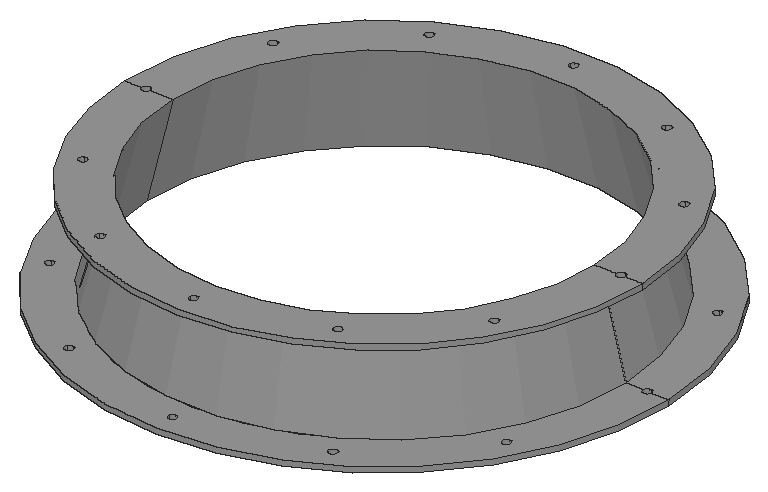
Revit family "ВК-ВО", category Арматура воздуховодов, Revit 2021
Family settings
  Размер круглого соединителя = Использовать диаметр
  Тип детали = Присоединяется
  На основе рабочей плоскости = Нет
  Всегда вертикально = Да
  При загрузке вырезать с полостями = Нет
  Общий = Нет
Parameters (values of type "ВК-ВО-400")
  Отметка по умолчанию = 0 mm
  Класифікація навантаження = "HVAC"  # constant formula
  Изготовитель = "Вентс"  # constant formula
  Діаметр = F2  # 540 mm
  Довжина = H  # 95 mm
  Вага = 2.70 kg
  n = 12
  f2 = F2 / 2  # 270 mm
  f1 = F1 / 2  # 250 mm
  f = F / 2  # 225 mm
  d = 8 mm
  URL = "https://vents.ua/ua/series/vk-vo"
  R2 = D2 / 2  # 245 mm
  R1 = D1 / 2  # 225 mm
  R = D / 2  # 200 mm
  Матеріал зони обслуговуваня = none
  H = 95 mm
  F2 = 540 mm
  F1 = 500 mm
  F = 450 mm
  D2 = 490 mm
  D1 = 450 mm
  D = 400 mm
  Матеріал корпусу = Метал, пофарбований, синій, матовий RAL 5007
  09_Назва системи [instance] = ""
  00_20_Тип = "ВК-ВО-400"
  00_20_Назва = "Вхідний конус"  # constant formula
  00_20_Виробник = "Вентс"  # constant formula
Types (12, lengths in mm): name | Діаметр | Довжина | Вага | n | f2 | f1 | f | d | R2 | R1 | R | H | F2 | F1 | F | D2 | D1 | D | 00_20_Тип
  (no name) | 540 | 95 | 2.70 kg | 12 | 270 | 250 | 225 | 8 | 245 | 225 | 200 | 95 | 540 | 500 | 450 | 490 | 450 | 400 | "ВК-ВО-400"
  ВК-ВО-400 | 540 | 95 | 2.70 kg | 12 | 270 | 250 | 225 | 8 | 245 | 225 | 200 | 95 | 540 | 500 | 450 | 490 | 450 | 400 | "ВК-ВО-400"
  ВК-ВО-1250 | 1550 | 285 | 53.50 kg | 20 | 775 | 735 | 700 | 15 | 700 | 660 | 625 | 285 | 1550 | 1470 | 1400 | 1400 | 1320 | 1250 | "ВК-ВО-1250"
  ВК-ВО-450 | 600 | 110 | 3.30 kg | 12 | 300 | 280 | 250 | 8 | 270 | 250 | 225 | 110 | 600 | 560 | 500 | 540 | 500 | 450 | "ВК-ВО-450"
  ВК-ВО-500 | 660 | 120 | 4.00 kg | 12 | 330 | 310 | 280 | 12 | 300 | 280 | 250 | 120 | 660 | 620 | 560 | 600 | 560 | 500 | "ВК-ВО-500"
  ВК-ВО-560 | 730 | 135 | 4.65 kg | 12 | 365 | 345 | 315 | 12 | 330 | 310 | 280 | 135 | 730 | 690 | 630 | 660 | 620 | 560 | "ВК-ВО-560"
  ВК-ВО-630 | 810 | 150 | 6.80 kg | 12 | 405 | 385 | 355 | 12 | 365 | 345 | 315 | 150 | 810 | 770 | 710 | 730 | 690 | 630 | "ВК-ВО-630"
  ВК-ВО-710 | 900 | 170 | 12.00 kg | 16 | 450 | 430 | 400 | 12 | 405 | 385 | 355 | 170 | 900 | 860 | 800 | 810 | 770 | 710 | "ВК-ВО-710"
  ВК-ВО-800 | 1015 | 190 | 15.00 kg | 16 | 507.5 | 485 | 450 | 12 | 450 | 430 | 400 | 190 | 1015 | 970 | 900 | 900 | 860 | 800 | "ВК-ВО-800"
  ВК-ВО-900 | 1115 | 210 | 21.00 kg | 16 | 557.5 | 535 | 500 | 15 | 507.5 | 485 | 450 | 210 | 1115 | 1070 | 1000 | 1015 | 970 | 900 | "ВК-ВО-900"
  ВК-ВО-1000 | 1270 | 240 | 36.70 kg | 16 | 635 | 595 | 560 | 15 | 557.5 | 535 | 500 | 240 | 1270 | 1190 | 1120 | 1115 | 1070 | 1000 | "ВК-ВО-1000"
  ВК-ВО-1120 | 1400 | 255 | 45.00 kg | 20 | 700 | 660 | 625 | 15 | 635 | 595 | 560 | 255 | 1400 | 1320 | 1250 | 1270 | 1190 | 1120 | "ВК-ВО-1120"
Reference planes
  plane 1 "По центру (Вперед/Назад)": y = 0
  plane 2: z = 0
  plane 3 "По центру (Влево/Вправо)": x = 0
Forms (mm)
  Revolve 1, solid, material "Метал, пофарбований, синій, матовий RAL 5007" <- "Матеріал корпусу"
    sketch origin (0, 0, 0) x (1, 0, 0) y (0, 0, 1)
      loop
        line (225, 0) -> (270, 0) -> (270, 5) -> (228.854, 5) -> (206.486, 90) -> (245, 90) -> (245, 95) -> (200, 95) -> (225, 0)
      axis (0, 0) -> (0, 95)
    angle from 0 to 360
  Extrusion 2, void
    sketch origin (0, 2.517, 0) x (1, 0, 0) y (0, 1, 0)
      loop
        circle (0, 222.483) r 4
    from 90 to 95 <- "H"
  Extrusion 3, void
    sketch origin (1.258, 2.18, 0) x (0.866025, -0.5, 0) y (0.5, 0.866025, 0)
      loop
        circle (0, 222.483) r 4
    from 90 to 95 <- "H"
  Extrusion 4, void
    sketch origin (-1.258, 2.18, 0) x (0.866025, 0.5, 0) y (-0.5, 0.866025, 0)
      loop
        circle (0, 222.483) r 4
    from 90 to 95 <- "H"
  Extrusion 5, void
    sketch origin (-2.18, 1.258, 0) x (0.5, 0.866025, 0) y (-0.866025, 0.5, 0)
      loop
        circle (0, 222.483) r 4
    from 90 to 95 <- "H"
  Extrusion 6, void
    sketch origin (-2.517, 0, 0) x (0, 1, 0) y (-1, 0, 0)
      loop
        circle (0, 222.483) r 4
    from 90 to 95 <- "H"
  Extrusion 7, void
    sketch origin (-2.18, -1.258, 0) x (-0.5, 0.866025, 0) y (-0.866025, -0.5, 0)
      loop
        circle (0, 222.483) r 4
    from 90 to 95 <- "H"
  Extrusion 8, void
    sketch origin (-1.258, -2.18, 0) x (-0.866025, 0.5, 0) y (-0.5, -0.866025, 0)
      loop
        circle (0, 222.483) r 4
    from 90 to 95 <- "H"
  Extrusion 9, void
    sketch origin (0, -2.517, 0) x (-1, 0, 0) y (0, -1, 0)
      loop
        circle (0, 222.483) r 4
    from 90 to 95 <- "H"
  Extrusion 10, void
    sketch origin (1.258, -2.18, 0) x (-0.866025, -0.5, 0) y (0.5, -0.866025, 0)
      loop
        circle (0, 222.483) r 4
    from 90 to 95 <- "H"
  Extrusion 11, void
    sketch origin (2.18, -1.258, 0) x (-0.5, -0.866025, 0) y (0.866025, -0.5, 0)
      loop
        circle (0, 222.483) r 4
    from 90 to 95 <- "H"
  Extrusion 12, void
    sketch origin (2.517, 0, 0) x (0, -1, 0) y (1, 0, 0)
      loop
        circle (0, 222.483) r 4
    from 90 to 95 <- "H"
  Extrusion 13, void
    sketch origin (2.18, 1.258, 0) x (0.5, -0.866025, 0) y (0.866025, 0.5, 0)
      loop
        circle (0, 222.483) r 4
    from 90 to 95 <- "H"
  Extrusion 14, void
    sketch origin (0, -5.33, 0) x (1, 0, 0) y (0, 1, 0)
      loop
        circle (0, 255.33) r 4
    from 5 to 0
  Extrusion 15, void
    sketch origin (-2.665, -4.616, 0) x (0.866025, -0.5, 0) y (0.5, 0.866025, 0)
      loop
        circle (0, 255.33) r 4
    from 5 to 0
  Extrusion 16, void
    sketch origin (2.665, -4.616, 0) x (0.866025, 0.5, 0) y (-0.5, 0.866025, 0)
      loop
        circle (0, 255.33) r 4
    from 5 to 0
  Extrusion 17, void
    sketch origin (4.616, -2.665, 0) x (0.5, 0.866025, 0) y (-0.866025, 0.5, 0)
      loop
        circle (0, 255.33) r 4
    from 5 to 0
  Extrusion 18, void
    sketch origin (5.33, 0, 0) x (0, 1, 0) y (-1, 0, 0)
      loop
        circle (0, 255.33) r 4
    from 5 to 0
  Extrusion 19, void
    sketch origin (4.616, 2.665, 0) x (-0.5, 0.866025, 0) y (-0.866025, -0.5, 0)
      loop
        circle (0, 255.33) r 4
    from 5 to 0
  Extrusion 20, void
    sketch origin (2.665, 4.616, 0) x (-0.866025, 0.5, 0) y (-0.5, -0.866025, 0)
      loop
        circle (0, 255.33) r 4
    from 5 to 0
  Extrusion 21, void
    sketch origin (0, 5.33, 0) x (-1, 0, 0) y (0, -1, 0)
      loop
        circle (0, 255.33) r 4
    from 5 to 0
  Extrusion 22, void
    sketch origin (-2.665, 4.616, 0) x (-0.866025, -0.5, 0) y (0.5, -0.866025, 0)
      loop
        circle (0, 255.33) r 4
    from 5 to 0
  Extrusion 23, void
    sketch origin (-4.616, 2.665, 0) x (-0.5, -0.866025, 0) y (0.866025, -0.5, 0)
      loop
        circle (0, 255.33) r 4
    from 5 to 0
  Extrusion 24, void
    sketch origin (-5.33, 0, 0) x (0, -1, 0) y (1, 0, 0)
      loop
        circle (0, 255.33) r 4
    from 5 to 0
  Extrusion 25, void
    sketch origin (-4.616, -2.665, 0) x (0.5, -0.866025, 0) y (0.866025, 0.5, 0)
      loop
        circle (0, 255.33) r 4
    from 5 to 0
Cuts and joins
  Extrusion 2, Extrusion 3, Extrusion 4, Extrusion 5, Extrusion 6, Extrusion 7, Extrusion 8, Extrusion 9, Extrusion 10, Extrusion 11, Extrusion 12, Extrusion 13, Extrusion 14, Extrusion 15, Extrusion 16, Extrusion 17, Extrusion 18, Extrusion 19, Extrusion 20, Extrusion 21, Extrusion 22, Extrusion 23, Extrusion 24, Extrusion 25 cuts Revolve 1
Dimensions and locks
  "R2": Revolve 1 sketch curve to plane 3 "По центру (Влево/Вправо)"
  "f2": Revolve 1 sketch curve to plane 3 "По центру (Влево/Вправо)"
  locked: Revolve 1 sketch curve to Revolve 1 sketch curve at 5  (x2)
  locked: Revolve 1 sketch curve to level at 5
  "H": Revolve 1 sketch curve to level
  "R": Revolve 1 sketch curve to plane 3 "По центру (Влево/Вправо)"
  "f": Revolve 1 sketch curve to plane 3 "По центру (Влево/Вправо)"
  Extrusion 2 to level = 95 mm
  locked: Extrusion 2 to Extrusion 2 at 5
  locked: Extrusion 3 to Extrusion 3 at 5
  locked: Extrusion 4 to Extrusion 4 at 5
  locked: Extrusion 5 to Extrusion 5 at 5
  locked: Extrusion 6 to Extrusion 6 at 5
  locked: Extrusion 7 to Extrusion 7 at 5
  locked: Extrusion 8 to Extrusion 8 at 5
  locked: Extrusion 9 to Extrusion 9 at 5
  locked: Extrusion 10 to Extrusion 10 at 5
  locked: Extrusion 11 to Extrusion 11 at 5
  locked: Extrusion 12 to Extrusion 12 at 5
  locked: Extrusion 13 to Extrusion 13 at 5
  locked: Extrusion 14 to Extrusion 14 at 5
  locked: Extrusion 15 to Extrusion 15 at 5
  locked: Extrusion 16 to Extrusion 16 at 5
  locked: Extrusion 17 to Extrusion 17 at 5
  locked: Extrusion 18 to Extrusion 18 at 5
  locked: Extrusion 19 to Extrusion 19 at 5
  locked: Extrusion 20 to Extrusion 20 at 5
  locked: Extrusion 21 to Extrusion 21 at 5
  locked: Extrusion 22 to Extrusion 22 at 5
  locked: Extrusion 23 to Extrusion 23 at 5
  locked: Extrusion 24 to Extrusion 24 at 5
  locked: Extrusion 25 to Extrusion 25 at 5
  "d": diameter of Extrusion 2 sketch curve
  "d": diameter of Extrusion 3 sketch curve
  "d": diameter of Extrusion 4 sketch curve
  "R1": radius of radial array
  "d": diameter of Extrusion 5 sketch curve
  "d": diameter of Extrusion 6 sketch curve
  "d": diameter of Extrusion 7 sketch curve
  "d": diameter of Extrusion 8 sketch curve
  "d": diameter of Extrusion 9 sketch curve
  "d": diameter of Extrusion 10 sketch curve
  "d": diameter of Extrusion 11 sketch curve
  "d": diameter of Extrusion 12 sketch curve
  "d": diameter of Extrusion 13 sketch curve
  "d": diameter of Extrusion 14 sketch curve
  "d": diameter of Extrusion 15 sketch curve
  "d": diameter of Extrusion 16 sketch curve
  "f1": radius of radial array
  "d": diameter of Extrusion 17 sketch curve
  "d": diameter of Extrusion 18 sketch curve
  "d": diameter of Extrusion 19 sketch curve
  "d": diameter of Extrusion 20 sketch curve
  "d": diameter of Extrusion 21 sketch curve
  "d": diameter of Extrusion 22 sketch curve
  "d": diameter of Extrusion 23 sketch curve
  "d": diameter of Extrusion 24 sketch curve
  "d": diameter of Extrusion 25 sketch curve
  aligned and locked: level to plane 2
  aligned and locked: Revolve 1 sketch curve to level
  aligned and locked: Extrusion 14 to level
Automatic sketch dimensions
  Revolve 1 sketch curve to plane 3 "По центру (Влево/Вправо)" = 0 mm
  level to Revolve 1 sketch curve = 35 mm
  Revolve 1 sketch curve to Revolve 1 sketch curve = 120 mm
